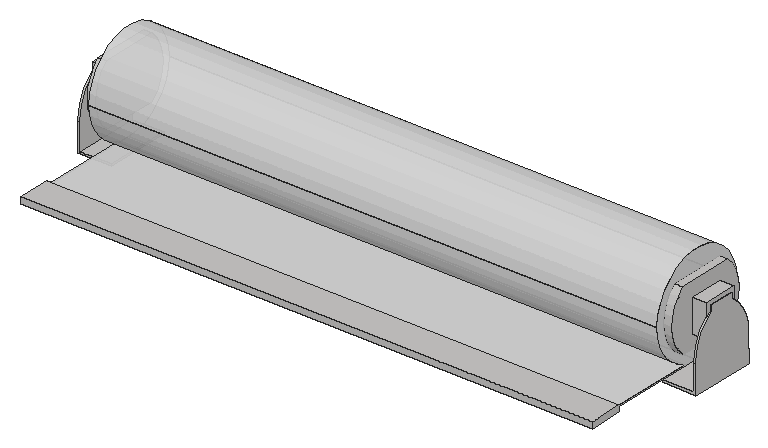
Revit family "Roller_Shades-Lutron-Wall_Mount-Roller_64", category Specialty Equipment, host Face, Revit 2017
Family settings
  Host = Face
  Round Connector Dimension = Use Diameter
  Part Type = Normal
  OmniClass Number = 23.30.60.14.21
  OmniClass Title = Shades
  Cut with Voids When Loaded = No
  Shared = No
  Room Calculation Point = No
Parameters (values of type "Roller 64 - Wall Mount")
  Warranty URL = "http://www.lutron.com/en-US/Service-Support/Pages/Service/Warranty/Warranty.aspx"
  Video Link = "https://www.youtube.com/user/LutronElectronicsInc"
  Version = "2017 - v1.0b"  # constant formula
  URL = "http://www.lutron.com"
  Type Comments = ""
  Support Phone = "(224) 699-9545"  # constant formula
  Support Email = "mailto: support@anguleris.com"
  Shade Width [instance] = 1' - 6"
  Shade Symbol Offset = if(Pocket Mount Enclosure, 0' 0", 0' 0 3/4")  # 0' - 0 3/4"
  Shade Size Available [instance] = if(Actual Shade Height < Shade Height, "No, height exceeds 5:1 ratio limit, use larger size roller model", if(Shade Area < Maximum Shade Area, "Yes", "Shade Size Unavailable"))  # "Yes"
  Shade Material = Fabric - Lutron - Linen - White
  Shade Height [instance] = 0' - 5 1/2"
  Shade Area [instance] = Shade Width * Actual Shade Height  # 0.6875 SF
  Series = "Sivoia QS"
  Right Drive [instance] = no
  Product Page URL = "http://www.lutron.com/en-US/Products/Pages/ShadingSystems/SivoiaQS/WindowTreatments/RollerShades/RollerShades.aspx"
  Product Name = "Roller 64 - Motorized Roller Shade - Wall Mount"
  Product Documentation Link = "http://www.lutron.com/TechnicalDocumentLibrary/086102%20a.pdf"
  Pocket Mount Enclosure = no
  Pocket Mount Bracket Offset = 0' - 0"
  Performance URL = "http://www.lutron.com/en-US/Service-Support/Pages/Technical/PerfomanceSpecs.aspx"
  Overall Width [instance] = if(Shade Width < 1' 6 1/2", 1' 6 1/2", if(Shade Width > 8' 0", 8' 0", Shade Width))  # 1' - 6 1/2"
  Overall Height [instance] = if(and(Pocket Mount Enclosure, [3D Shade Height Visibility]), Shade Height + 0' 0 1/4", if(and(No Pocket, [3D Shade Height Visibility]), Shade Height, 0' 5 1/2"))  # 0' - 5 1/2"
  Overall Depth = 0' - 3 17/64"
  No Pocket = not(Pocket Mount Enclosure)  # yes
  Mounting = "Wall"
  Model = "Roller 64"
  Maximum Shade Area = 64.00 SF  # constant formula
  Manufacturer Phone Number = "610-282-3800"  # constant formula
  Manufacturer Fax Number = "610-282-1243"  # constant formula
  Manufacturer Email = "mailto:support@lutron.com"
  Manufacturer Address = "7200 Suter Rd, Coopersburg, PA 18036"  # constant formula
  Manufacturer = "Lutron Electronics Co., Inc"  # constant formula
  Lineal Requirements [instance] = ""
  Left Drive [instance] = no
  Keynote = ""
  Instruction Sheet Link = "http://www.lutron.com/TechnicalDocumentLibrary/045-181%20Lutron%20R64%20Standard%20Mount%20Chassis%20Install.pdf"
  Height [instance] = if([3D Shade Height Visibility], Shade Height, 0' 5 1/2")  # 0' - 5 1/2"
  Fabric Roll Detail = "Standard"
  Fabric Options [instance] = ""
  Fabric Collection [instance] = ""
  Description = "Motorized Roller Shade"
  Default Elevation = 9' - 0"
  Cost Info = "mailto:sales@lutron.com"
  Cost = 0
  Copyright = "© 2019 Lutron Electronics Co., Inc."  # constant formula
  Control Technology [instance] = ""
  Bottom Bar [instance] = ""
  Assembly Code = "E2010320"
  Actual Shade Height [instance] = if(Shade Height > Shade Width * 5, Shade Width * 5, Shade Height)  # 0' - 5 1/2"
  3D Shade Height Visibility [instance] = no
Types (4): name | Support Email | Shade Symbol Offset | Product Name | Pocket Mount Enclosure | Pocket Mount Bracket Offset | Overall Depth | No Pocket | Mounting
  Roller 64 - Wall Mount | "mailto: support@anguleris.com" | 0' - 0 3/4" | "Roller 64 - Motorized Roller Shade - Wall Mount" | no | 0' - 0" | 0' - 3 17/64" | yes | "Wall"
  Roller 64 - Inside Mount | "" | 0' - 0 3/4" | "Roller 64 - Motorized Roller Shade - Inside Mount" | no | 0' - 0" | 0' - 3 17/64" | yes | "Inside"
  Roller 64 - Outside Mount | "" | 0' - 0 3/4" | "Roller 64 - Motorized Roller Shade - Outside Mount" | no | 0' - 0" | 0' - 3 17/64" | yes | "Outside"
  Roller 64 - Pocket Mount | "" | 0' - 0" | "Roller 64 - Motorized Roller Shade - Pocket Mount" | yes | 0' - 0 1/16" | 0' - 3 1/2" | no | "Pocket"
Reference planes (in)
  plane 1 "Center (Front/Back)": y = 0
  plane 2: z = 0
  plane 3 "Center (Left/Right)": x = 0
  plane 4: x = -9.25
  plane 5: x = 9.25
  plane 6: y = 1.5
  plane 7: x = -8.5
  plane 8: x = 8.5
  plane 9: z = 3.264
  plane 10: z = 1.764
  plane 11: y = -4
  plane 12: y = -3
  plane 13: z = 0.06
  plane 14: z = 0
  plane 15: y = 1.764
  plane 16: z = 3.5
  plane 17: y = -1.736
Forms (in)
  Extrusion 1, solid, material "Fabric - Lutron - Linen - White" <- "Shade Material"
    sketch origin (0, 0, 0) x (0, 1, 0) y (0, 0, 1)
      loop
        circle (0, 1.764) r 1.5
    from -8.5 to 8.5
  Extrusion 2, solid, material "Metal - Lutron"
    sketch origin (0, -1.764, 1.764) x (0, 0, -1) y (0, 1, 0)
      loop
        line (-0.91904, 2.61127) -> (-0.91904, 0.91673)
        arc (-0.91904, 0.91673) -> (0, 0.514) -> (0.91904, 0.91673) r 1.25
        line (0.91904, 0.91673) -> (0.91904, 2.61127)
        arc (0.91904, 2.61127) -> (0, 3.014) -> (-0.91904, 2.61127) r 1.25
    from 8.5 to 8.75
  Extrusion 3, solid, material "Metal - Lutron", detail levels medium+fine
    sketch origin (0, 0, 0) x (0, 1, 0) y (0, 0, 1)
      loop
        line (-0.5, 2.264) -> (-0.5, 1.264) -> (0.5, 1.264) -> (0.5, 2.264) -> (-0.5, 2.264)
    from 8.75 to 9.19141
  Extrusion 4, solid, material "Metal - Lutron", detail levels medium+fine
    sketch origin (9.25, 60, 48) x (0, 1, 0) y (0, 0, -1)
      loop
        line (-60.975, 48) -> (-60.975, 47.15504)
        arc (-60.975, 47.15504) -> (-60.81624, 46.49803) -> (-60.375, 45.986) r 1.43887
        line (-60.375, 45.986) -> (-60.375, 45.83594) -> (-59.625, 45.83594) -> (-59.625, 45.986)
        arc (-59.625, 45.986) -> (-59.18376, 46.49803) -> (-59.025, 47.15504) r 1.43887
        line (-59.025, 47.15504) -> (-59.025, 48) -> (-60.975, 48)
    from 0 to 0.05859
  Extrusion 5, solid, material "Metal - Lutron", detail levels medium+fine
    sketch origin (0, 0, 0) x (1, 0, 0) y (0, 1, 0)
      loop
        line (9.25, 0.975) -> (8.25, 0.975) -> (8.25, -0.975) -> (9.25, -0.975) -> (9.25, 0.975)
      loop
        line (-9.25, 0.975) -> (-9.25, -0.975) -> (-8.25, -0.975) -> (-8.25, 0.975) -> (-9.25, 0.975)
    from 0 to 0.06
  Extrusion 6, solid, material "Metal - Lutron"
    sketch origin (0, -1.764, 1.764) x (0, 0, -1) y (0, -1, 0)
      loop
        arc (-0.91904, -2.61127) -> (0, -3.014) -> (0.91904, -2.61127) r 1.25
        line (0.91904, -2.61127) -> (0.91904, -0.91673)
        arc (0.91904, -0.91673) -> (0, -0.514) -> (-0.91904, -0.91673) r 1.25
        line (-0.91904, -0.91673) -> (-0.91904, -2.61127)
    from 8.5 to 8.75
  Extrusion 7, solid, material "Metal - Lutron", detail levels medium+fine
    sketch origin (0, 0, 0) x (0, 1, 0) y (0, 0, -1)
      loop
        line (-0.5, -2.264) -> (0.5, -2.264) -> (0.5, -1.264) -> (-0.5, -1.264) -> (-0.5, -2.264)
    from 8.75 to 9.19141
  Extrusion 8, solid, material "Metal - Lutron", detail levels medium+fine
    sketch origin (-9.21875, 60, 48) x (0, 1, 0) y (0, 0, 1)
      loop
        line (-60.975, -48) -> (-59.025, -48) -> (-59.025, -47.15504)
        arc (-59.025, -47.15504) -> (-59.18376, -46.49803) -> (-59.625, -45.986) r 1.43887
        line (-59.625, -45.986) -> (-59.625, -45.83594) -> (-60.375, -45.83594) -> (-60.375, -45.986)
        arc (-60.375, -45.986) -> (-60.81624, -46.49803) -> (-60.975, -47.15504) r 1.43887
        line (-60.975, -47.15504) -> (-60.975, -48)
    from -0.03125 to 0.02734
  Extrusion 9, solid, material "Fabric - Lutron - Linen - White" <- "Shade Material"
    sketch origin (0, 0, 0.264) x (1, 0, 0) y (0, 1, 0)
      loop
        line (-8.5, 0) -> (-8.5, -3) -> (8.5, -3) -> (8.5, 0) -> (-8.5, 0)
    from 0 to 0.0625
  Extrusion 10, solid, material "Metal - Lutron", detail levels medium+fine
    sketch origin (0, 0, -2.9375) x (0, 1, 0) y (0, 0, 1)
      loop
        line (-3, 3.3265) -> (-4, 3.3265) -> (-4, 3.139) -> (-3, 3.139) -> (-3, 3.3265)
    from -8.5625 to 8.5625
  Extrusion 11, solid, material "Metal - Lutron", visible <- "Pocket Mount Enclosure"
    sketch origin (0, -1.736, 1.75) x (0, 0, 1) y (0, -1, 0)
      loop
        line (1.75, -3.5) -> (1.75, 0) -> (1.6875, 0) -> (1.6875, -3.4375) -> (-1.6875, -3.4375) -> (-1.6875, 0) -> (-1.75, 0) -> (-1.75, -3.5) -> (1.75, -3.5)
    from -9.25 to 9.25
  Extrusion 12, solid, material "Metal - Lutron", visible <- "Pocket Mount Enclosure"
    sketch origin (0, -1.736, 1.75) x (1, 0, 0) y (0, 0, 1)
      loop
        line (9.25, -1.75) -> (9.3125, -1.75) -> (9.3125, 1.75) -> (9.25, 1.75) -> (9.25, -1.75)
      loop
        line (-9.25, -1.75) -> (-9.25, 1.75) -> (-9.3125, 1.75) -> (-9.3125, -1.75) -> (-9.25, -1.75)
    from -3.5 to 0
  Extrusion 13, solid, material "Metal - Lutron", visible <- "Pocket Mount Enclosure"
    sketch origin (0, -1.736, 2.9375) x (0, 0, 1) y (0, -1, 0)
      loop
        line (-1.8125, 0) -> (-1.8125, -0.0625) -> (0.5, -0.0625) -> (0.5, 0) -> (-1.8125, 0)
    from -9.25 to 9.25
Cuts and joins
  joined: Extrusion 4, Extrusion 5, Extrusion 8
  joined: Extrusion 1, Extrusion 9
Lines and regions (in)
  Masking region 1, visible <- "No Pocket"
    outline origin (0, 0, 0) x (1, 0, 0) y (0, 0, 1)
      loop
        line (-8.5, 3.264) -> (-8.5, 2.264) -> (-9.25, 2.264) -> (-9.25, 1.264) -> (-8.5, 1.264) -> (-8.5, 0.2015) -> (8.5, 0.2015) -> (8.5, 1.264) -> (9.25, 1.264) -> (9.25, 2.264) -> (8.5, 2.264) -> (8.5, 3.264) -> (-8.5, 3.264)
  Masking region 2, visible <- "Pocket Mount Enclosure"
    outline origin (-61.625, -1.736, 48) x (-1, 0, 0) y (0, 0, 1)
      loop
        line (-52.375, -44.5) -> (-70.875, -44.5) -> (-70.875, -48) -> (-52.375, -48) -> (-52.375, -44.5)
  symbolic lines, visible <- "No Pocket"
    curve 1: line (8.5, 0, 1.264) -> (8.5, 0, 2.264)
    curve 2: line (-8.5, 0, 2.264) -> (-8.5, 0, 1.264)
    curve 3: line (-7.75, 0, 0.764) -> (7.75, 0, 0.764)
    curve 4: line (-9.25, -1.736, 1.264) -> (-9.25, -1.736, 0)
    curve 5: line (9.25, -1.736, 1.264) -> (9.25, -1.736, 0)
Dimensions and locks (in)
  equal spacing: plane 4, plane 3 "Center (Left/Right)", plane 5
  "Overall Width": plane 4 to plane 5
  locked: plane 8 to plane 5 at 0.75
  locked: plane 4 to plane 7 at 0.75
  locked: plane 9 to plane 2 at 3.264
  locked: plane 9 to plane 10 at 1.5
  locked: plane 1 "Center (Front/Back)" to Extrusion 1 sketch curve at 0
  locked: plane 10 to Extrusion 1 sketch curve
  locked: plane 1 "Center (Front/Back)" to plane 6 at 1.5
  locked: plane 12 to plane 11 at 1
  "Height": plane 6 to plane 11
  plane 9 to Extrusion 10 sketch curve to Extrusion 10 sketch curve = 0' - 2 7/8", 0' - 0 3/16"
  locked: plane 8 to Extrusion 10 at 0.0625
  locked: plane 7 to Extrusion 10 at 0.0625
  locked: Extrusion 10 to plane 4 at 0.6875
  locked: Extrusion 10 to plane 5 at 0.6875
  Extrusion 4 sketch curve to Extrusion 4 sketch curve to plane 1 "Center (Front/Back)" to Extrusion 4 sketch curve to Extrusion 4 sketch curve = 0' - 0.6" locked, 0' - 0 3/8" locked, 0' - 0 3/8" locked, 0' - 0.6" locked
  Extrusion 4 sketch curve to Extrusion 4 sketch curve to Extrusion 4 sketch curve to plane 2 = 0' - 0.15006" locked, 0' - 1.16904" locked, 0' - 0.84496" locked
  Extrusion 4 sketch curve to Extrusion 4 sketch curve to plane 2 = 0' - 1.16904" locked, 0' - 0.84496" locked
  Extrusion 8 sketch curve to Extrusion 8 sketch curve to plane 1 "Center (Front/Back)" to Extrusion 8 sketch curve to Extrusion 8 sketch curve = 0' - 0.6" locked, 0' - 0 3/8" locked, 0' - 0 3/8" locked, 0' - 0.6" locked
  Extrusion 8 sketch curve to Extrusion 8 sketch curve to Extrusion 8 sketch curve to plane 2 = 0' - 0.15006" locked, 0' - 1.16904" locked, 0' - 0.84496" locked
  Extrusion 8 sketch curve to Extrusion 8 sketch curve to plane 2 = 0' - 1.16904" locked, 0' - 0.84496" locked
  locked: Extrusion 2 to plane 5 at 0.5
  locked: plane 8 to Extrusion 2 at 0.25  (x2)
  locked: plane 8 to cut or joined group of Extrusion 4, Extrusion 5, Extrusion 8 at 0.69141
  locked: cut or joined group of Extrusion 4, Extrusion 5, Extrusion 8 to plane 5 at 0.05859
  Extrusion 5 sketch curve to plane 1 "Center (Front/Back)" to Extrusion 5 sketch curve = 0' - 0.975" locked, 0' - 0.975" locked  (x2)
  locked: Extrusion 6 to plane 7 at 0.25
  locked: plane 4 to Extrusion 6 at 0.5
  locked: plane 4 to cut or joined group of Extrusion 4, Extrusion 5, Extrusion 8 at 0.05859
  locked: cut or joined group of Extrusion 4, Extrusion 5, Extrusion 8 to plane 7 at 0.69141
  locked: plane 9 to cut or joined group of Extrusion 1, Extrusion 9 at 3
  locked: plane 10 to cut or joined group of Extrusion 1, Extrusion 9 at 1.4375
  locked: cut or joined group of Extrusion 1, Extrusion 9 to cut or joined group of Extrusion 1, Extrusion 9 at 0.0625
  locked: plane 9 to Extrusion 10 at 3.0625
  locked: plane 9 to Extrusion 10 at 2.875
  locked: Extrusion 10 to Extrusion 10 at 0.1875
  locked: Extrusion 5 sketch curve to plane 8 at 0.25
  locked: plane 7 to Extrusion 5 sketch curve at 0.25
  locked: plane 4 to cut or joined group of Extrusion 4, Extrusion 5, Extrusion 8 at 1
  locked: cut or joined group of Extrusion 4, Extrusion 5, Extrusion 8 to plane 5 at 1
  locked: plane 1 "Center (Front/Back)" to Extrusion 3 sketch curve at 0.5
  locked: plane 10 to Extrusion 3 sketch curve at 0.5
  locked: plane 1 "Center (Front/Back)" to Extrusion 7 sketch curve at 0.5
  locked: plane 10 to Extrusion 7 sketch curve at 0.5
  locked: plane 1 "Center (Front/Back)" to Extrusion 6 sketch curve at 0.84727  (x2)
  locked: Extrusion 6 sketch curve to plane 1 "Center (Front/Back)" at 0.84727  (x2)
  locked: plane 10 to Extrusion 6 sketch curve at 0.91904
  Extrusion 2 sketch curve to plane 1 "Center (Front/Back)" to Extrusion 2 sketch curve = 0' - 0.84727" locked, 0' - 0.84727" locked  (x2)
  Extrusion 2 sketch curve to plane 10 to Extrusion 2 sketch curve = 0' - 0.91904" locked, 0' - 0.91904" locked
  "Pocket Mount Bracket Offset": plane 14 to plane 2
  locked: plane 13 to plane 14 at 0.06
  locked: plane 16 to plane 2 at 3.5
  plane 17 to plane 1 "Center (Front/Back)" to plane 15 = 0' - 1.736" locked, 0' - 1.764" locked
  plane 16 to Extrusion 13 sketch curve to Extrusion 13 sketch curve = 0' - 0 1/16" locked, 0' - 2 5/16" locked
  locked: plane 17 to Extrusion 13 sketch curve at 0.0625
  locked: plane 5 to Extrusion 12 sketch curve at 0.0625
  locked: plane 4 to Extrusion 12 sketch curve at 0.0625
  locked: Extrusion 11 sketch curve to plane 15 at 0.0625
  locked: plane 16 to Extrusion 11 sketch curve at 0.0625
  locked: Extrusion 11 sketch curve to plane 2 at 0.0625
  locked: plane 10 to curve 3 at 1
  "Shade Symbol Offset": curve 3 to plane 7
  "Shade Symbol Offset": curve 3 to plane 8
  Extrusion 10 to plane 14 = 0' - 0.2015"
  locked: Extrusion 3 sketch curve to plane 1 "Center (Front/Back)" at 0.5
  locked: Extrusion 3 sketch curve to plane 10 at 0.5
  locked: Extrusion 7 sketch curve to plane 1 "Center (Front/Back)" at 0.5
  locked: Extrusion 7 sketch curve to plane 10 at 0.5
  locked: Extrusion 6 sketch curve to plane 10 at 0.91904
  radius of Extrusion 1 sketch curve = 0' - 1 1/2"
  radius of Extrusion 4 sketch curve = 0' - 1.43887"  (x2)
  radius of Extrusion 8 sketch curve = 0' - 1.43887"  (x2)
  radius of Extrusion 6 sketch curve = 0' - 1 1/4"  (x2)
  radius of Extrusion 2 sketch curve = 0' - 1 1/4"  (x2)
  aligned and locked: plane 2 to host face
  aligned and locked: level to host face
  aligned and locked: Extrusion 1 to plane 7
  aligned and locked: Extrusion 1 to plane 8
  aligned and locked: plane 8 to Extrusion 2
  aligned: Extrusion 3 to plane 5
  aligned and locked: Extrusion 10 sketch curve to plane 11
  aligned and locked: plane 12 to Extrusion 10 sketch curve
  aligned and locked: plane 7 to Extrusion 9 sketch curve
  aligned and locked: plane 12 to Extrusion 9 sketch curve
  aligned and locked: plane 8 to Extrusion 9 sketch curve
  aligned and locked: plane 1 "Center (Front/Back)" to Extrusion 9 sketch curve
  aligned: plane 9 to cut or joined group of Extrusion 1, Extrusion 9
  aligned and locked: Extrusion 3 to Extrusion 2
  aligned and locked: plane 4 to Extrusion 5 sketch curve
  aligned and locked: Extrusion 5 sketch curve to plane 5
  aligned: cut or joined group of Extrusion 4, Extrusion 5, Extrusion 8 to plane 2
  aligned and locked: plane 7 to Extrusion 6
  aligned and locked: Extrusion 7 to Extrusion 6
  aligned and locked: cut or joined group of Extrusion 4, Extrusion 5, Extrusion 8 to plane 4
  aligned and locked: Extrusion 7 to cut or joined group of Extrusion 4, Extrusion 5, Extrusion 8
  aligned and locked: Extrusion 3 to cut or joined group of Extrusion 4, Extrusion 5, Extrusion 8
  aligned and locked: cut or joined group of Extrusion 4, Extrusion 5, Extrusion 8 to plane 5
  aligned and locked: Masking region 1 sketch curve to plane 9
  aligned and locked: Masking region 1 sketch curve to cut or joined group of Extrusion 1, Extrusion 9  (x2)
  aligned and locked: cut or joined group of Extrusion 1, Extrusion 9 to Masking region 1 sketch curve  (x2)
  aligned and locked: cut or joined group of Extrusion 1, Extrusion 9 to curve 1
  aligned and locked: cut or joined group of Extrusion 1, Extrusion 9 to curve 2
  aligned and locked: plane 13 to Extrusion 5
  aligned and locked: plane 17 to Extrusion 13 sketch curve
  aligned and locked: Extrusion 13 to plane 4
  aligned and locked: Extrusion 13 to plane 5
  aligned and locked: Extrusion 12 sketch curve to plane 5
  aligned and locked: Extrusion 12 sketch curve to plane 16
  aligned and locked: Extrusion 12 sketch curve to plane 2
  aligned and locked: plane 2 to Extrusion 12 sketch curve
  aligned and locked: plane 4 to Extrusion 12 sketch curve
  aligned and locked: plane 16 to Extrusion 12 sketch curve
  aligned and locked: plane 15 to Extrusion 12
  aligned and locked: Extrusion 12 to plane 17
  aligned and locked: plane 16 to Extrusion 11 sketch curve
  aligned and locked: Extrusion 11 sketch curve to plane 15
  aligned and locked: plane 17 to Extrusion 11 sketch curve  (x2)
  aligned and locked: plane 2 to Extrusion 11 sketch curve
  aligned and locked: Extrusion 11 to plane 4
  aligned and locked: Extrusion 11 to plane 5
  aligned and locked: plane 14 to Masking region 2 sketch curve
  aligned and locked: Masking region 1 sketch curve to Extrusion 7
  aligned and locked: Masking region 1 sketch curve to Extrusion 3
  aligned and locked: Masking region 2 sketch curve to plane 16
  aligned and locked: Extrusion 4 sketch curve to plane 14
  aligned and locked: Extrusion 8 sketch curve to plane 14
  aligned and locked: plane 4 to Masking region 2 sketch curve
  aligned and locked: plane 5 to Masking region 2 sketch curve
  aligned and locked: curve 4 to plane 4
  aligned and locked: curve 4 to Masking region 1
  aligned and locked: plane 14 to curve 4
  aligned and locked: plane 5 to curve 5
  aligned and locked: Masking region 1 to curve 5
  aligned and locked: plane 14 to curve 5
  aligned and locked: Extrusion 2 to plane 8
Automatic sketch dimensions
  host sketch curve to host sketch curve = 8' - 0"  (x2)
  Masking region 1 sketch curve to plane 4 = 0' - 0"
  plane 8 to Masking region 1 sketch curve = 0' - 0"
  plane 5 to Masking region 1 sketch curve = 0' - 0"
  plane 13 to Masking region 1 sketch curve = 0' - 0.1415"
  curve 2 to plane 7 = 0' - 0"
  plane 8 to curve 1 = 0' - 0"
  curve 1 to plane 10 = 0' - 0 1/2"
  curve 2 to plane 10 = 0' - 0 1/2"
  plane 10 to curve 1 = 0' - 0 1/2"
  plane 10 to curve 2 = 0' - 0 1/2"
  plane 10 to Masking region 1 sketch curve = 0' - 0 1/2"
  Masking region 1 sketch curve to plane 10 = 0' - 0 1/2"
Connectors (in)
  electrical at (9.25, 0, 1.25576)
    settings: on cut or joined group of Extrusion 4, Extrusion 5, Extrusion 8, index 1, voltage 0 V, apparent load 0 VA, apparent load phase1 0 VA, apparent load phase2 0 VA, apparent load phase3 0 VA, power factor 1, load classification "Other", number of poles 1, system type 13, power factor state 1, is connector primary yes, connector utility no, sub classification motor no, connector description "Control Connection"
